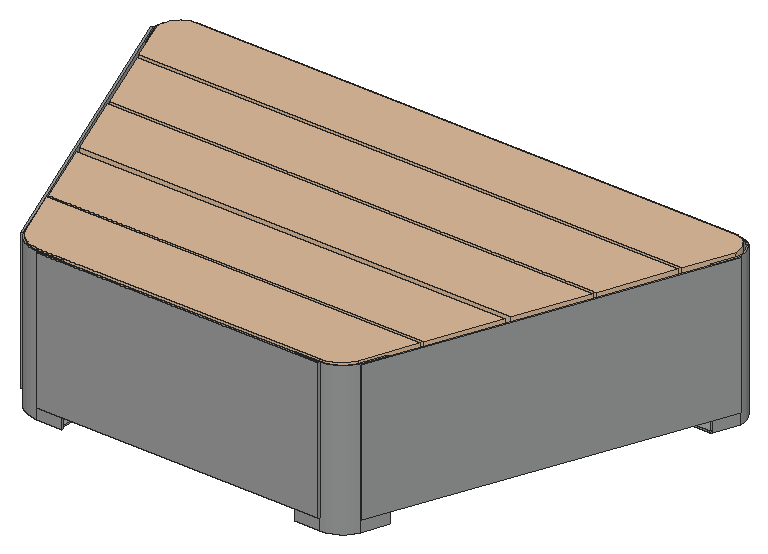
Revit family "1508-S-L", category Meble, Revit 2021
Family settings
  Numer OmniClass = 23.40.20.00
  Tytuł OmniClass = General Furniture and Specialties
  Oparty na płaszczyźnie roboczej = Nie
  Zawsze pionowo = Tak
  Tnij formami wycięć po wczytaniu = Nie
  Współdzielony = Nie
  Punkt obliczania pomieszczeń = Nie
Parameters (values of type "1508-S-L")
  wood = Mobilis Design Wood - Larch
  metal = Mobilis Design RAL 9023
  Width = "73 cm"
  Weight = "45 kg"
  URL = ""
  Product line = "AQUILA"
  Product Groups = ""
  Manufacturer = ""
  Keynote = ""
  Description = ""
  Model = "1508-S-L"
  Material = ""
  Maintenance = ""
  Lenght = "118 cm"
  Type Comments = ""
  Mobilis Design Materials = ""
  Hosted on = ""
  Height = "30 cm"
  Domyślna rzędna = 0 mm
  Copyright = "All designs and drawings are the common intellectual property of Lars Laj A/S and Tress and are protected by Danish and international copyright laws."
Reference planes
  plane 1 "front": y = 0
  plane 2: z = 0
  plane 3 "Środek (Lewa/Prawa)": x = 0
  plane 4 "left": x = -247.535
  plane 5 "right": x = 809.233
  plane 6 "back": y = 400
  plane 7: x = -136.25
  plane 8: z = 301.491
Forms (mm)
  Extrusion 1, solid, material "Mobilis Design RAL 9023" <- "metal", not visible
    sketch origin (0, 0, 0) x (0, 1, 0) y (0, 0, 1)
      loop
        arc (71.187, 451.5) -> (57.045, 445.642) -> (51.187, 431.5) r 20
        line (51.187, 431.5) -> (51.187, 18.231)
        arc (51.187, 18.231) -> (56.527, 5.34) -> (69.418, 0) r 18.231
        line (69.418, 0) -> (153.638, 0) -> (153.638, 15) -> (448.638, 15) -> (448.638, 0) -> (527.023, 0)
        arc (527.023, 0) -> (542.307, 6.331) -> (548.638, 21.615) r 21.615
        line (548.638, 21.615) -> (548.638, 429.407)
        arc (548.638, 429.407) -> (542.168, 445.029) -> (526.545, 451.5) r 22.093
        line (526.545, 451.5) -> (71.187, 451.5)
    from 750.378 to 745
  Extrusion 2, solid, material "Mobilis Design RAL 9023" <- "metal", not visible
    sketch origin (0, 0, 0) x (0, 1, 0) y (0, 0, 1)
      loop
        line (548.638, 396.844) -> (629.375, 854.725) -> (601.836, 859.581)
        arc (601.836, 859.581) -> (585.224, 855.898) -> (576.082, 841.547) r 22.232
        line (576.082, 841.547) -> (507.306, 451.5) -> (526.545, 451.5)
        arc (526.545, 451.5) -> (542.168, 445.029) -> (548.638, 429.407) r 22.093
        line (548.638, 429.407) -> (548.638, 396.844)
    from 745 to 750.378
  Extrusion 3, solid, material "Mobilis Design RAL 9023" <- "metal"
    sketch origin (0, 0, 0) x (1, 0, 0) y (0, 1, 0)
      loop
        arc (-582.535, 764.72) -> (-571.376, 796.792) -> (-540.609, 811.163) r 43.652
        line (-540.609, 811.163) -> (-489.756, 811.062) -> (-489.756, 814.162) -> (-540.659, 814.163)
        arc (-540.659, 814.163) -> (-573.699, 798.617) -> (-585.496, 764.062) r 46.771
        line (-585.496, 764.062) -> (-567.413, 717.075) -> (-564.22, 717.075) -> (-582.535, 764.72)
      loop
        line (-333.801, 128.754) -> (-351.879, 175.729) -> (-355.094, 175.729) -> (-336.572, 127.602)
        arc (-336.572, 127.602) -> (-314.586, 101.906) -> (-282.159, 92.311) r 59.594
        line (-282.159, 92.311) -> (-232.159, 92.311) -> (-232.159, 95.311) -> (-282.159, 95.311)
        arc (-282.159, 95.311) -> (-312.921, 104.402) -> (-333.801, 128.754) r 56.594
      loop
        line (582.535, 764.72) -> (564.22, 717.075) -> (567.413, 717.075) -> (585.496, 764.062)
        arc (585.496, 764.062) -> (573.699, 798.617) -> (540.659, 814.163) r 46.771
        line (540.659, 814.163) -> (489.756, 814.162) -> (489.756, 811.062) -> (540.609, 811.163)
        arc (540.609, 811.163) -> (571.376, 796.792) -> (582.535, 764.72) r 43.652
      loop
        arc (333.801, 128.754) -> (312.921, 104.402) -> (282.159, 95.311) r 56.594
        line (282.159, 95.311) -> (232.159, 95.311) -> (232.159, 92.311) -> (282.159, 92.311)
        arc (282.159, 92.311) -> (314.586, 101.906) -> (336.572, 127.602) r 59.594
        line (336.572, 127.602) -> (355.094, 175.729) -> (351.879, 175.729) -> (333.801, 128.754)
    from 0 to 301.491
  Extrusion 4, solid, material "Mobilis Design RAL 9023" <- "metal"
    sketch origin (0, 0, 0) x (1, 0, 0) y (0, 1, 0)
      loop
        line (-279.817, 92.311) -> (-279.817, 88.661) -> (282.604, 88.661) -> (282.604, 92.311) -> (-279.817, 92.311)
      loop
        line (-542.242, 816.437) -> (-542.242, 813.538) -> (538.182, 813.538) -> (538.182, 816.437) -> (-542.242, 816.437)
      loop
        line (-589.896, 762.129) -> (-339.572, 122.697) -> (-335.21, 124.757) -> (-585.498, 764.087) -> (-589.896, 762.129)
      loop
        line (587.097, 762.231) -> (585.233, 763.378) -> (336.994, 128.699) -> (338.958, 127.807) -> (587.097, 762.231)
    from 23.503 to 301.491
  Extrusion 5, solid, material "Mobilis Design RAL 9023" <- "metal"
    sketch origin (0, 0, 0) x (1, 0, 0) y (0, 1, 0)
      loop
        line (-489.131, 715.825) -> (-489.131, 809.812) -> (-539.984, 809.913)
        arc (-539.984, 809.913) -> (-570.751, 795.542) -> (-581.91, 763.47) r 43.652
        line (-581.91, 763.47) -> (-563.595, 715.825) -> (-489.131, 715.825)
      loop
        line (-235.014, 175.729) -> (-354.734, 175.729) -> (-336.656, 128.754)
        arc (-336.656, 128.754) -> (-315.776, 104.402) -> (-285.014, 95.311) r 56.594
        line (-285.014, 95.311) -> (-235.014, 95.311) -> (-235.014, 175.729)
      loop
        line (489.131, 715.825) -> (563.595, 715.825) -> (581.91, 763.47)
        arc (581.91, 763.47) -> (570.751, 795.542) -> (539.984, 809.913) r 43.652
        line (539.984, 809.913) -> (489.131, 809.812) -> (489.131, 715.825)
      loop
        line (235.014, 175.729) -> (235.014, 95.311) -> (285.014, 95.311)
        arc (285.014, 95.311) -> (315.776, 104.402) -> (336.656, 128.754) r 56.594
        line (336.656, 128.754) -> (354.734, 175.729) -> (235.014, 175.729)
    from 0 to 3.062
  Extrusion 6, solid, material "Mobilis Design Wood - Larch" <- "wood"
    sketch origin (0, 0, 0) x (1, 0, 0) y (0, 1, 0)
      loop
        line (541.081, 674.062) -> (575.93, 764.72)
        arc (575.93, 764.72) -> (565.352, 796.135) -> (535.755, 811.062) r 43.652
        line (535.755, 811.062) -> (-539.235, 811.062)
        arc (-539.235, 811.062) -> (-568.832, 796.135) -> (-579.41, 764.72) r 43.652
        line (-579.41, 764.72) -> (-544.561, 674.062) -> (541.081, 674.062)
      loop
        line (-540.488, 667.312) -> (-487.711, 530.312) -> (484.931, 530.312) -> (537.707, 667.312) -> (-540.488, 667.312)
      loop
        line (-373.386, 232.312) -> (-333.531, 128.754)
        arc (-333.531, 128.754) -> (-312.748, 104.465) -> (-282.12, 95.312) r 56.594
        line (-282.12, 95.312) -> (279.89, 95.312)
        arc (279.89, 95.312) -> (310.518, 104.465) -> (331.301, 128.754) r 56.594
        line (331.301, 128.754) -> (371.156, 232.312) -> (-373.386, 232.312)
      loop
        line (-485.111, 523.562) -> (-432.334, 386.562) -> (429.554, 386.562) -> (482.33, 523.562) -> (-485.111, 523.562)
      loop
        line (-427.951, 375.183) -> (-375.174, 238.183) -> (373.369, 238.183) -> (426.146, 375.183) -> (-427.951, 375.183)
    from 272.466 to 304.619
  Extrusion 7, solid, material "Mobilis Design Wood - Larch" <- "wood"
    sketch origin (0, 0, 0) x (1, 0, 0) y (0, 1, 0)
      loop
        arc (278.832, 95.394) -> (311.356, 103.588) -> (333.531, 128.754) r 56.594
        line (333.531, 128.754) -> (580.852, 771.382)
        arc (580.852, 771.382) -> (572.272, 793.757) -> (553.174, 808.232) r 43.652
        line (553.174, 808.232) -> (278.832, 95.394)
      loop
        line (-20.941, 811.062) -> (-20.941, 95.312) -> (20.636, 95.312) -> (20.636, 811.062) -> (-20.941, 811.062)
      loop
        line (-278.832, 95.394) -> (-553.174, 808.232)
        arc (-553.174, 808.232) -> (-572.272, 793.757) -> (-580.852, 771.382) r 43.652
        line (-580.852, 771.382) -> (-333.531, 128.754)
        arc (-333.531, 128.754) -> (-311.356, 103.588) -> (-278.832, 95.394) r 56.594
    from 230.966 to 272.466
  Extrusion 8, solid, material "Mobilis Design RAL 9023" <- "metal"
    sketch origin (0, 0, 0) x (1, 0, 0) y (0, 1, 0)
      loop
        line (-278.832, 95.394) -> (-552.786, 807.224)
        arc (-552.786, 807.224) -> (-572.184, 789.742) -> (-578.132, 764.314) r 43.652
        line (-578.132, 764.314) -> (-333.531, 128.754)
        arc (-333.531, 128.754) -> (-311.356, 103.588) -> (-278.832, 95.394) r 56.594
      loop
        arc (334.706, 132.203) -> (312.75, 105.092) -> (279.067, 96.007) r 56.594
        line (279.067, 96.007) -> (552.571, 806.665)
        arc (552.571, 806.665) -> (572.079, 788.495) -> (577.383, 762.369) r 43.652
        line (577.383, 762.369) -> (334.838, 132.152)
      loop
        line (-20.941, 811.062) -> (-20.941, 776.943) -> (20.636, 776.943) -> (20.636, 811.062) -> (-20.941, 811.062)
      loop
        line (-20.941, 95.312) -> (20.636, 95.312) -> (20.636, 140.312) -> (-20.941, 140.312) -> (-20.941, 95.312)
    from 227.466 to 229.466
Lines and regions (mm)
  model lines, style "9"
    curve 1: line (264.233, -399.489, 0) -> (264.233, -405.489, 0)
    curve 2: line (-304.767, -399.489, 0) -> (-304.767, -405.489, 0)
    curve 3: line (-281.767, -399.489, 0) -> (-281.767, -405.489, 0)
Dimensions and locks
  aligned and locked: level to plane 2
